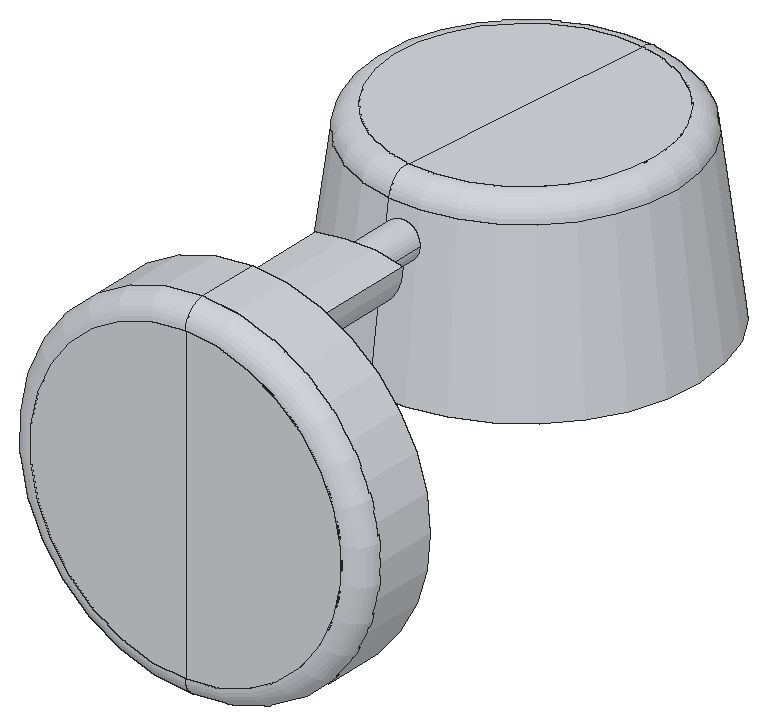
Revit family "Motus Wall BL 800 940-927 CP1.4 D2W EU_Unhosted", category Lighting Fixtures, Revit 2016
Family settings
  Part Type = Normal
  Round Connector Dimension = Use Diameter
  OmniClass Number = 23.80.70.00
  OmniClass Title = Lighting
  Work Plane-Based = No
  Always vertical = Yes
  Cut with Voids When Loaded = No
  Light Source = Yes
  Shared = No
  Room Calculation Point = No
Parameters
  Wiring Accessories = ""
  Width = 165 mm
  Wattage = 8.46 W
  VoltageMax = 240 V
  built-in parameter 1150110 = 1 (stored number, unit not read)
  Voltage = 100 V
  UpdateDate = "20.02.2021 03:04:55"
  URL UK = "http://glamox.com/uk/products/Motus-Wall"
  URL Sweden = "http://glamox.com/se/produkter/Motus-Wall/items/MOT028694"
  URL Russia = "http://glamox.com/ru/products/Motus-Wall/items/MOT028694"
  URL Other = "http://glamox.com/gsx/products/Motus-Wall/items/MOT028694"
  URL Norway = "http://glamox.com/no/produkter/Motus-Wall/items/MOT028694"
  URL Ireland = "http://glamox.com/ie/products/Motus-Wall"
  URL Germany = "http://glamox.com/de/products/Motus-Wall/items/MOT028694"
  URL Finland = "http://glamox.com/fi/products/Motus-Wall/items/MOT028694"
  URL Estonia = "http://glamox.com/ee/products/Motus-Wall/items/MOT028694"
  URL Denmark = "http://glamox.com/dk/produkter/Motus-Wall/items/MOT028694"
  TypeOfEmergency = ""
  TypeOfBallast = "AC/DC = alternating current/ direct current"
  TotalWattage = 8.46 W
  Total Load = 8.46 W
  built-in parameter 1114217 = 1 (stored number, unit not read)
  Tilt Angle = 90.00°
  Termination = ""
  built-in parameter 1150109 = 1 (stored number, unit not read)
  built-in parameter 1150134 = 3
  built-in parameter 1150113 = 1 (stored number, unit not read)
  Specification = "colour Black, light source LED, with EU plug"
  Remark = ""
  RatedVoltage = 100 V
  PowerFactor = 98.00%
  Power Factor = 0.98
  Plug Type = "EU"
  Photometric Web File = "MOTUS-WALL-800-D2W.ies"
  Optic = "SYM"
  NumberOfSources = 1
  Number of Poles = 1
  NominalFrequencyRange = 50 Hz
  ModelReference = "Motus Wall"
  ModelLabel = "Motus Wall BL 800 940-927 CP1.4 D2W EU"
  Maximum TA = 25
  Manufacturer = "Glamox"
  MaintenanceFactor = 0
  MFArtNo = "MOT028694"
  built-in parameter 1150105 = 64.458 (stored number, unit not read)
  Lumens = 810 lm
  built-in parameter 1150115 = 1 (stored number, unit not read)
  Load Classification [instance] = Lighting
  LightFixturePlacingType = "WALL"
  LightFixtureMountingType = "SURFACE"
  built-in parameter 1150137 = (empty or 0)
  built-in parameter 1150139 = (empty or 0)
  Length = 98 mm
  LampBase = ""
  Lamp Wattage Comments = ""
  Lamp Wattage = 8 W
  built-in parameter 1150112 = 1 (stored number, unit not read)
  built-in parameter 1150114 = 1 (stored number, unit not read)
  Lamp = "LED"
  built-in parameter 1150132 = (empty or 0)
  built-in parameter 1150102 = (empty or 0)
  built-in parameter 1150107 = 3200 (stored number, unit not read)
  built-in parameter 1150138 = (empty or 0)
  built-in parameter 1150106 = 0.64458 (stored number, unit not read)
  IP_Code = "20"
  IPClass = "20"
  IK_Code = ""
  IFC Classification = "Light Fixture"
  Height = 98 mm
  GlobalTradeItemNumber = "7040670286949"
  Glamox Mounting = "Wall"
  Glamox Family = "Motus Wall"
  Glamox Category = "Architectural"
  FrequencyMax = 60 Hz
  Frequency = 50 Hz
  Expired = "0"
  Emit from Circle Diameter = 6 mm  # constant formula
  Emit Shape Visible in Rendering = yes
  built-in parameter 1150104 = 8.895 (stored number, unit not read)
  ELNo Norway = ""
  ELNo Finland = ""
  EANNo = "7040670286949"
  DurationInBatteryMode = ""
  Dimming Lamp Color Temperature Shift = <None>
  Description = "Motus Wall BL 800 940-927 CP1.4 D2W EU"
  Cut Out = ""
  Completion = ""
  Color Filter = 16777215
  Body Material and Colour = Default
  built-in parameter 1114218 = 1 (stored number, unit not read)
  built-in parameter 1150133 = 10 (stored number, unit not read)
  ArticleNumber = "MOT028694"
  Apparent Load = Total Load / Power Factor  # 8.63265 VA
  #Tubes = 1
Reference planes
  plane 1 "Light Source Axis (F/B)": y = 29.961
  plane 2: z = 0
  plane 3 "Light Source Axis (L/R)": x = 0
  plane 4 "Light Source Elevation": z = 0
  plane 5: y = -88.029
Forms (mm)
  Revolve 1, solid
    sketch origin (0, 29.248, -238.056) x (0.099501, 0.995037, 0) y (0, 0, 1)
      loop
        line (0, 290) -> (0, 238.192) -> (47.975, 238.192) -> (42, 284)
        arc (42, 284) -> (40.243, 288.243) -> (36, 290) r 6
        line (36, 290) -> (0, 290)
      axis (0, 290) -> (0, 238.192)
    angle from 0 to 360
  Revolve 2, solid
    sketch origin (0, -87.927, -265.357) x (0, 0, -1) y (0, 1, 0)
      loop
        arc (-319, 6) -> (-317.243, 1.757) -> (-313, 0) r 6
        line (-313, 0) -> (-270, 0) -> (-270, 23) -> (-319, 23) -> (-319, 6)
      axis (-270, 23) -> (-270, 0)
    angle from 0 to 360
  Sweep 3, solid
    path origin (0, -53.943, 405.203) x (0, 0.958323, 0.285688) y (0, 0.285688, -0.958323)
      loop
        line (-79.001, 356.066) -> (-114.486, 345.488)
    profile origin (0, -46.441, 41.407) x (0, 0, 1) y (-1, 0, 0)
      loop
        arc (0, -12) -> (1.435, 0) -> (0, 12) r 50.907
        spline (0, 12) -> (-4.709, 11.163) -> (-8.01, 9.697) -> (-10.145, 7.725) -> (-11.356, 5.373) -> (-11.885, 2.766) -> (-11.974, 0.027) -> (-11.794, -2.718) -> (-11.2, -5.339) -> (-9.957, -7.708) -> (-7.833, -9.694) -> (-4.592, -11.168) -> (0, -12)
  Extrusion 4, solid
    sketch origin (0, -87.627, -338.056) x (1, 0, 0) y (0, 0, 1)
      loop
        circle (0, 375.409) r 5
    from -59.7 to -77.8
Lines and regions (mm)
  symbolic lines
    curve 1: line (-100, -88.029, 0) -> (100, -88.029, 0)
    curve 2: line (0, -88.029, 0) -> (0, 29.961, 0)
    curve 3: circle (0, 29.961, 0) r 47.469 normal (0, 0, -1)
    curve 4: line (0, 29.961, 0) -> (33.565, 63.526, 0)
    curve 5: line (0, 29.961, 0) -> (33.565, -3.605, 0)
    curve 6: line (0, 29.961, 0) -> (-33.565, -3.605, 0)
    curve 7: line (0, 29.961, 0) -> (-33.565, 63.526, 0)
Dimensions and locks
  locked: plane 1 "Light Source Axis (F/B)" to plane 5 at 117.989
  aligned and locked: Sweep 3 to Extrusion 4
  aligned and locked: plane 4 "Light Source Elevation" to plane 2
  aligned and locked: imposter light to plane 4 "Light Source Elevation"
  aligned and locked: plane 3 "Light Source Axis (L/R)" to imposter light
Connectors
  electrical at (0, -64.956, 41.407), driven by "Load Classification", driven by "Voltage", driven by "Apparent Load", driven by "Power Factor"
    settings: on Sweep 3, index 1, voltage 100 V, apparent load 0 VA, apparent load phase1 8.63265 VA, apparent load phase2 0 VA, apparent load phase3 0 VA, power factor 0.98, load classification "Lighting", number of poles 1, system type 31, power factor state 1, is connector primary yes, connector utility no, sub classification motor no, connector description ""
